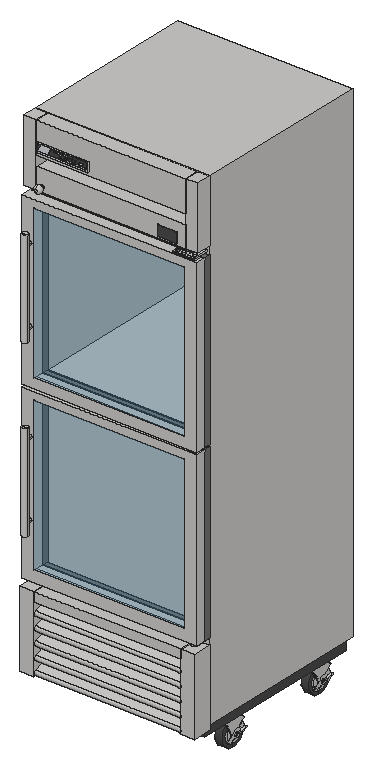
Revit family "QF_TRUE_T-23G-2-HC~FGD01", category Specialty Equipment, Revit 2015
Parameters
  Weight in Pounds = 330
  Watts = if(Phase = 3, Volts * FL Amps * 1.73, Volts * FL Amps)  # 253 W
  Volts = 115 V
  URL Cutsheet = ""
  Specification by User = ""
  Specification by Manufacturer = ""
  Show Logo [instance] = yes
  Show Clearance [instance] = yes
  Show 6 Inches Standard Legs [instance] = no
  Show 6 Inches Seismic Flanged Legs [instance] = no
  Overall Height [instance] = Body Height + Base Height  # 83 3/8"
  Body Height [instance] = 78 3/8"
  6 Inches Seismic Flanged Legs [instance] = and(Show 6 Inches Seismic Flanged Legs, not(Show 5 Inches Casters))  # no
  6 Inches Standard Legs [instance] = and(Show 6 Inches Standard Legs, not(Show 5 Inches Casters))  # no
  Show 5 Inches Casters [instance] = if(Show 6 Inches Seismic Flanged Legs, Show 6 Inches Standard Legs, not(Show 6 Inches Standard Legs))  # yes
  Serial Number = ""
  Seismic Rating = ""
  SMACNA No = ""
  Revision Code = ""
  Phase = 1
  Number of Poles = 1
  NAFEM Spec ID Number = ""
  Model = "T-23G-2-HC~FGD01"
  Min Ckt Ampacity = 0 A
  Max Overcurrent Protection = 0 A
  Masterspec = ""
  Manufacturer = "TRUE"
  Length = 27"
  Item Number = ""
  Installed By = ""
  Identify Quantity as Lot = yes
  Height = 83 3/8"
  HP = "1/4"
  Furnished By = ""
  Foodservice Equipment Identifier = yes
  FL Amps = 2.2 A
  Electrical Remarks = ""
  Electric Connection Type = ""
  Elec Conn RI Height = 0"
  Elec Conn Connection Height = 0"
  Description = "REACH-IN GLASS HALF SWING DOOR REFRIGERATOR WITH HYDROCARBON REFRIGERANT~FRAMED GLASS DOOR VERSION 01"
  Depth = 32 1/8"
  Cycle = 60 Hz
  Conn Plug = "NEMA 5-15P"
  Conn Conduit = yes
  CSI MasterFormat = ""
  Base Height [instance] = if(Show 5 Inches Casters, 5", 6")  # 5"
  Apparent Power = if(Phase = 3, Volts * FL Amps * 1.73, Volts * FL Amps)  # 253 VA
Reference planes (in)
  plane 1 "BACK": y = 0
  plane 2: z = 0
  plane 3 "LEFT": x = 0
  plane 4 "RIGHT": x = 27
  plane 5 "FRONT": y = -32.125
  plane 6 "TOP": z = 5
  plane 7 "Center Y": x = 13.5
  plane 8 "Center X": y = -16.0625
  plane 9: z = 83.375
Dimensions and locks (in)
  equal spacing: plane 3 "LEFT", plane 7 "Center Y", plane 4 "RIGHT"
  "Length": plane 3 "LEFT" to plane 4 "RIGHT"
  equal spacing: plane 5 "FRONT", plane 8 "Center X", plane 1 "BACK"
  "Depth": plane 5 "FRONT" to plane 1 "BACK"
  "Base Height": plane 6 "TOP" to level
  "Body Height": plane 9 to plane 6 "TOP"
  "Overall Height": plane 9 to plane 2
  aligned and locked: plane 2 to level
  aligned and locked: nested 5 to plane 6 "TOP"
Nested families (in)
  nested 1: "TRUE_L6_C3.5" at (2.98654, -21.77779, 0), Show 6 Inches Legs <- "6 Inches Standard Legs", Seismic Flanged <- "6 Inches Seismic Flanged Legs", Show 5" Casters <- "Show 5 Inches Casters", type "TRUE_L6_C3.5"
    with Type Mark "", Specification by User "", Show 6 Inches Legs no, Show 5" Casters yes, Seismic Flanged no, Revision Code "", Item Number "", Installed By "", Identify Quantity as Lot yes, Furnished By "", Foodservice Equipment Identifier yes
  nested 2: "TRUE_L6_C3.5" at (24.01346, -21.77779, 0), Show 6 Inches Legs <- "6 Inches Standard Legs", Seismic Flanged <- "6 Inches Seismic Flanged Legs", Show 5" Casters <- "Show 5 Inches Casters", type "TRUE_L6_C3.5"
    with Type Mark "", Specification by User "", Show 6 Inches Legs no, Show 5" Casters yes, Seismic Flanged no, Revision Code "", Item Number "", Installed By "", Identify Quantity as Lot yes, Furnished By "", Foodservice Equipment Identifier yes
  nested 3: "TRUE_L6_C3.5" at (2.98654, -5.03471, 0), Show 6 Inches Legs <- "6 Inches Standard Legs", Seismic Flanged <- "6 Inches Seismic Flanged Legs", Show 5" Casters <- "Show 5 Inches Casters", type "TRUE_L6_C3.5"
    with Type Mark "", Specification by User "", Show 6 Inches Legs no, Show 5" Casters yes, Seismic Flanged no, Revision Code "", Item Number "", Installed By "", Identify Quantity as Lot yes, Furnished By "", Foodservice Equipment Identifier yes
  nested 4: "TRUE_L6_C3.5" at (24.01346, -5.03471, 0), Show 6 Inches Legs <- "6 Inches Standard Legs", Seismic Flanged <- "6 Inches Seismic Flanged Legs", Show 5" Casters <- "Show 5 Inches Casters", type "TRUE_L6_C3.5"
    with Type Mark "", Specification by User "", Show 6 Inches Legs no, Show 5" Casters yes, Seismic Flanged no, Revision Code "", Item Number "", Installed By "", Identify Quantity as Lot yes, Furnished By "", Foodservice Equipment Identifier yes
  nested 5: "T-23G-2-HC-FGD01" at (0, 0, 5), Show Clearance <- "Show Clearance", Show Logo <- "Show Logo", type "T-23G-2-HC-FGD01"
    with Show Logo yes, Show Clearance yes
Connectors (in)
  electrical at (12.40625, 0.25, 7.43713), driven by "Volts", driven by "Watts"
    settings: on nested 5, index 2, voltage 115 V, apparent load 253 VA, apparent load phase1 0 VA, apparent load phase2 0 VA, apparent load phase3 0 VA, power factor 1, load classification "Other", number of poles 1, system type 30, power factor state 1, is connector primary yes, connector utility no, sub classification motor no, connector description "ELECTRICAL CONNECTION"
Definition of nested family "TRUE_L6_C3.5"
  Parameters (values of type "RANDELL_L6_C3.5")
    Weight = ""
    URL Manufacturer = ""
    URL Cutsheet = ""
    URL = ""
    Type Mark [instance] = ""
    Specification by User [instance] = ""
    Specification by Manufacturer = ""
    Show 6 Inches Legs [instance] = yes
    Show 5" Casters [instance] = yes
    Serial Number = ""
    Seismic Rating = ""
    Seismic Flanged [instance] = yes
    SMACNA No = ""
    Revision Code [instance] = ""
    Omniclass Number and Title = ""
    NAFEM Spec ID Number = ""
    Model = ""
    MasterSpec. = ""
    Manufacturer = ""
    Item Number [instance] = ""
    Installed By [instance] = ""
    Identify Quantity as Lot [instance] = yes
    Furnished By [instance] = ""
    Foodservice Equipment Identifier [instance] = yes
    Description = ""
    CSI MasterFormat = ""
    CSI Master Format = ""
    Assembly Code = ""
  Reference planes (in)
    plane 1: z = 0
    plane 2 "RIGHT": x = 0
    plane 3 "FRONT": y = 0
    plane 4 "TOP": z = 5
  Forms (in)
    Revolve 1, solid, visible <- "Show 6 Inches Legs"
      sketch origin (11.12172, 0, 0) x (-1, 0, 0) y (0, 0, -1)
        loop
          line (11.12172, -6) -> (11.12172, 0) -> (10.62172, 0) -> (10.62172, -0.5) -> (10.37172, -0.5) -> (10.37172, -6) -> (11.12172, -6)
        axis (11.12172, 0) -> (11.12172, -6)
      angle from 0 to 360
    Revolve 2, solid, visible <- "Seismic Flanged"
      sketch origin (11.12172, 0, 0) x (-1, 0, 0) y (0, 0, -1)
        loop
          line (11.12172, -0.15832) -> (11.12172, 0) -> (9.94203, 0) -> (9.94203, -0.15832) -> (11.12172, -0.15832)
        axis (11.12172, 0) -> (11.12172, -0.15832)
      angle from 0 to 360
    Revolve 3, solid, visible <- "Seismic Flanged"
      sketch origin (11.12172, 0, 0) x (-1, 0, 0) y (0, 0, -1)
        loop
          line (11.12172, -6) -> (11.12172, 0) -> (10.62172, 0) -> (10.62172, -0.5) -> (10.37172, -0.5) -> (10.37172, -6) -> (11.12172, -6)
        axis (11.12172, 0) -> (11.12172, -6)
      angle from 0 to 360
    Revolve 4, solid, visible <- "Show 5" Casters"
      sketch origin (-1.93794, 0.99859, -1.0041) x (1, 0, 0) y (0, 0, 1)
        loop
          line (0.74055, 3.0041) -> (0.74055, 2.9286) -> (0.79055, 2.8786) -> (0.85055, 2.8786) -> (0.85055, 2.75852) -> (1.235, 2.75852) -> (1.235, 2.56618) -> (1.37557, 2.48502) -> (1.49133, 1.76972) -> (1.34375, 1.76972) -> (1.34375, 1.53535) -> (1.375, 1.53535) -> (1.375, 1.0041) -> (2.48438, 1.0041) -> (2.48438, 1.53535) -> (2.51563, 1.53535) -> (2.51563, 1.76972) -> (2.36805, 1.76972) -> (2.48438, 2.48853) -> (2.62438, 2.56936) -> (2.62438, 2.75852) -> (3.04007, 2.75852) -> (3.04007, 2.8786) -> (3.10007, 2.8786) -> (3.15007, 2.9286) -> (3.15007, 3.0041) -> (0.74055, 3.0041)
        axis (0.74055, 3.0041) -> (3.15007, 3.0041)
      angle from 0 to 360
    Extrusion 5, solid, visible <- "Show 5" Casters"
      sketch origin (-1.93794, 1.96337, -0.7541) x (0, 1, 0) y (0, 0, 1)
        loop
          line (-3.37739, 5.33423) -> (-3.37739, 4.92712) -> (-2.49294, 4.92712)
          arc (-2.49294, 4.92712) -> (-1.47209, 4.91752) -> (-0.46376, 4.75787) r 6.92153
          arc (-0.46376, 4.75787) -> (0.14199, 4.53396) -> (0.67481, 4.16904) r 2.62713
          line (0.67481, 4.16904) -> (0.7876, 4.33012)
          arc (0.7876, 4.33012) -> (0.48098, 4.5674) -> (0.13288, 4.73811) r 1.91675
          line (0.13288, 4.73811) -> (0.21197, 4.87494)
          arc (0.21197, 4.87494) -> (-0.1576, 5.02102) -> (-0.54934, 5.08775) r 1.91675
          line (-0.54934, 5.08775) -> (-0.54934, 5.33423) -> (-3.37739, 5.33423)
      from 1.17357 to 2.70231
    Revolve 6, solid, visible <- "Show 5" Casters"
      sketch origin (0, 2.15543, -1.25) x (0, 1, 0) y (0, 0, 1)
        loop
          line (-2.21793, 6.25) -> (-2.21793, 5.83014) -> (-1.05793, 5.83014) -> (-1.05793, 6.25) -> (-2.21793, 6.25)
        axis (-2.21793, 5.83014) -> (-2.21793, 6.25)
      angle from 0 to 360
    Extrusion 7, solid, visible <- "Show 5" Casters"
      sketch origin (-1.98481, 1.96337, -0.7541) x (0, 1, 0) y (0, 0, 1)
        loop
          line (-3.37739, 5.33423) -> (-3.37739, 4.92712) -> (-3.13361, 4.92712)
          arc (-3.13361, 4.92712) -> (-2.12623, 3.92533) -> (-1.55834, 2.62307) r 3.79122
          arc (-1.55834, 2.62307) -> (-0.81477, 2.14247) -> (-0.31772, 2.87515) r 0.63314
          arc (-0.31772, 2.87515) -> (-0.02244, 3.67728) -> (0.68637, 4.15498) r 1.39003
          line (0.68637, 4.15498) -> (0.7876, 4.33012)
          arc (0.7876, 4.33012) -> (0.48098, 4.5674) -> (0.13288, 4.73811) r 1.91675
          line (0.13288, 4.73811) -> (0.21197, 4.87494)
          arc (0.21197, 4.87494) -> (-0.1576, 5.02102) -> (-0.54934, 5.08775) r 1.91675
          line (-0.54934, 5.08775) -> (-0.54934, 5.33423) -> (-3.37739, 5.33423)
      from 2.74918 to 2.90825
    Extrusion 8, solid, visible <- "Show 5" Casters"
      sketch origin (1.98481, 1.96337, -0.7541) x (0, 1, 0) y (0, 0, -1)
        loop
          line (-3.37739, -5.33423) -> (-0.54934, -5.33423) -> (-0.54934, -5.08775)
          arc (-0.54934, -5.08775) -> (-0.1576, -5.02102) -> (0.21197, -4.87494) r 1.91675
          line (0.21197, -4.87494) -> (0.13288, -4.73811)
          arc (0.13288, -4.73811) -> (0.48098, -4.5674) -> (0.7876, -4.33012) r 1.91675
          line (0.7876, -4.33012) -> (0.68637, -4.15498)
          arc (0.68637, -4.15498) -> (-0.02244, -3.67728) -> (-0.31772, -2.87515) r 1.39003
          arc (-0.31772, -2.87515) -> (-0.81477, -2.14247) -> (-1.55834, -2.62307) r 0.63314
          arc (-1.55834, -2.62307) -> (-2.12623, -3.92533) -> (-3.13361, -4.92712) r 3.79122
          line (-3.13361, -4.92712) -> (-3.37739, -4.92712) -> (-3.37739, -5.33423)
      from 2.74918 to 2.90825
    Extrusion 9, solid, visible <- "Show 5" Casters"
      sketch origin (-0.96875, 2.04726, -0.57589) x (0, 1, 0) y (0, 0, -1)
        loop
          line (-2.58496, -2.03961) -> (-1.89213, -2.43961) -> (-1.53273, -2.64711)
          arc (-1.53273, -2.64711) -> (-1.45411, -2.76529) -> (-1.38688, -2.89031) r 1.51617
          arc (-1.38688, -2.89031) -> (-1.13602, -3.13035) -> (-0.79652, -3.20306) r 0.63657
          arc (-0.79652, -3.20306) -> (-0.67098, -3.20163) -> (-0.54633, -3.21661) r 0.9589
          line (-0.54633, -3.21661) -> (0.23309, -3.66661) -> (0.42979, -3.32592)
          arc (0.42979, -3.32592) -> (0.46473, -3.10362) -> (0.3415, -2.91533) r 0.313
          line (0.3415, -2.91533) -> (0.21087, -3.04595)
          arc (0.21087, -3.04595) -> (0.24081, -3.14321) -> (0.14284, -3.17074) r 0.07109
          line (0.14284, -3.17074) -> (-0.52795, -2.78336)
          arc (-0.52795, -2.78336) -> (-0.62217, -2.51108) -> (-0.36609, -2.37904) r 0.22
          arc (-0.36609, -2.37904) -> (-0.3435, -2.357) -> (-0.33862, -2.32583) r 0.05
          arc (-0.33862, -2.32583) -> (-0.50047, -2.10967) -> (-0.75504, -2.01961) r 0.46592
          line (-0.75504, -2.01961) -> (-1.49574, -2.01961)
          arc (-1.49574, -2.01961) -> (-1.57675, -2.00894) -> (-1.65224, -1.97767) r 0.313
          line (-1.65224, -1.97767) -> (-2.05389, -1.74578)
          arc (-2.05389, -1.74578) -> (-2.2914, -1.71451) -> (-2.48146, -1.86034) r 0.313
          line (-2.48146, -1.86034) -> (-2.58496, -2.03961)
      from 0 to 0.0625
    Extrusion 10, solid, visible <- "Show 5" Casters"
      sketch origin (-0.96875, 2.04726, -0.57589) x (0, 1, 0) y (0, 0, -1)
        loop
          line (-0.45692, -2.6604) -> (0.47061, -3.19578)
          arc (0.47061, -3.19578) -> (0.44304, -3.03852) -> (0.3415, -2.91533) r 0.313
          line (0.3415, -2.91533) -> (-0.36656, -2.53415)
          arc (-0.36656, -2.53415) -> (-0.48136, -2.54745) -> (-0.45692, -2.6604) r 0.078
      from 0 to 0.5
    Extrusion 11, solid, visible <- "Show 5" Casters"
      sketch origin (0.96875, 2.04726, -0.57589) x (0, 1, 0) y (0, 0, 1)
        loop
          line (-2.58496, 2.03961) -> (-2.48146, 1.86034)
          arc (-2.48146, 1.86034) -> (-2.2914, 1.71451) -> (-2.05389, 1.74578) r 0.313
          line (-2.05389, 1.74578) -> (-1.65224, 1.97767)
          arc (-1.65224, 1.97767) -> (-1.57675, 2.00894) -> (-1.49574, 2.01961) r 0.313
          line (-1.49574, 2.01961) -> (-0.75504, 2.01961)
          arc (-0.75504, 2.01961) -> (-0.50047, 2.10967) -> (-0.33862, 2.32583) r 0.46592
          arc (-0.33862, 2.32583) -> (-0.3435, 2.357) -> (-0.36609, 2.37904) r 0.05
          arc (-0.36609, 2.37904) -> (-0.62217, 2.51108) -> (-0.52795, 2.78336) r 0.22
          line (-0.52795, 2.78336) -> (0.14284, 3.17074)
          arc (0.14284, 3.17074) -> (0.24081, 3.14321) -> (0.21087, 3.04595) r 0.07109
          line (0.21087, 3.04595) -> (0.3415, 2.91533)
          arc (0.3415, 2.91533) -> (0.46473, 3.10362) -> (0.42979, 3.32592) r 0.313
          line (0.42979, 3.32592) -> (0.23309, 3.66661) -> (-0.54633, 3.21661)
          arc (-0.54633, 3.21661) -> (-0.67098, 3.20163) -> (-0.79652, 3.20306) r 0.9589
          arc (-0.79652, 3.20306) -> (-1.13602, 3.13035) -> (-1.38688, 2.89031) r 0.63657
          arc (-1.38688, 2.89031) -> (-1.45411, 2.76529) -> (-1.53273, 2.64711) r 1.51617
          line (-1.53273, 2.64711) -> (-1.89213, 2.43961) -> (-2.58496, 2.03961)
      from 0 to 0.0625
    Extrusion 12, solid, visible <- "Show 5" Casters"
      sketch origin (0.96875, 2.04726, -0.57589) x (0, 1, 0) y (0, 0, 1)
        loop
          arc (-0.45692, 2.6604) -> (-0.48136, 2.54745) -> (-0.36656, 2.53415) r 0.078
          line (-0.36656, 2.53415) -> (0.3415, 2.91533)
          arc (0.3415, 2.91533) -> (0.44304, 3.03852) -> (0.47061, 3.19578) r 0.313
          line (0.47061, 3.19578) -> (-0.45692, 2.6604)
      from 0 to 0.5
  Lines and regions (in)
    symbolic lines
      curve 1: line (-1.07514, -0.72999, 0) -> (-0.15575, -1.2608, 0)
      curve 2: line (0.15575, 1.40198, 0) -> (-1.07514, -0.72999, 0)
      curve 3: line (1.07514, 0.87117, 0) -> (0.15575, 1.40198, 0)
      curve 4: line (-0.15575, -1.2608, 0) -> (1.07514, 0.87117, 0)
  Dimensions and locks (in)
    plane 4 "TOP" to level = 5"  (x2)
    locked: Revolve 1 sketch curve to Revolve 1 sketch curve at 0.5
    locked: Revolve 1 sketch curve to Revolve 1 sketch curve at 0.75
    locked: Revolve 3 sketch curve to Revolve 3 sketch curve at 0.5
    locked: Revolve 3 sketch curve to Revolve 3 sketch curve at 0.75
    aligned and locked: level to plane 1
Definition of nested family "T-23G-2-HC-FGD01"
  Parameters (values of type "T-23G-2-HC-FGD01")
    Weight in Pounds = 0
    Watts = if(Phase = 3, Volts * FL Amps * 1.73, Volts * FL Amps)  # 0 W
    Volts = 0 V
    URL Cutsheet = ""
    Specification by User = ""
    Specification by Manufacturer = ""
    Show Logo [instance] = yes
    Show Clearance [instance] = yes
    Serial Number = ""
    Seismic Rating = ""
    SMACNA No = ""
    Revision Code = ""
    Phase = 0
    Number of Poles = 1
    NAFEM Spec ID Number = ""
    Model = "T-12FG-HC~FGD01"
    Min Ckt Ampacity = 0 A
    Max Overcurrent Protection = 0 A
    Masterspec = ""
    Manufacturer = "TRUE"
    Length = 27"
    Item Number = ""
    Installed By = ""
    Identify Quantity as Lot = yes
    Height = 78 3/8"
    HP = ""
    Furnished By = ""
    Foodservice Equipment Identifier = yes
    FL Amps = 0 A
    Electrical Remarks = ""
    Electric Connection Type = ""
    Elec Conn RI Height = 0"
    Elec Conn Connection Height = 0"
    Description = ""
    Depth = 32 1/8"
    Cycle = 0 Hz
    Conn Plug = ""
    Conn Conduit = yes
    CSI MasterFormat = ""
    Apparent Power = if(Phase = 3, Volts * FL Amps * 1.73, Volts * FL Amps)  # 0 VA
  Reference planes (in)
    plane 1 "BACK": y = 0
    plane 2: z = 0
    plane 3 "LEFT": x = 0
    plane 4 "RIGHT": x = 27
    plane 5 "FRONT": y = -32.125
    plane 6 "TOP": z = 78.375
    plane 7 "Center Y": x = 13.5
    plane 8 "Center X": y = -16.0625
    plane 9: y = -30.5
    plane 10: y = -54.875
  Forms (in)
    Extrusion 1, solid
      sketch origin (0, 0, -3.4375) x (0, 1, 0) y (0, 0, 1)
        loop
          line (-27.83459, 5.6875) -> (-27.83459, 3.4375) -> (-0.625, 3.4375) -> (-0.625, 5.6875) -> (-27.83459, 5.6875)
      from 1.05258 to 25.94742
    Extrusion 2, solid
      sketch origin (0, 0, 59.09193) x (0, 0, -1) y (-1, 0, 0)
        loop
          circle (56.6548, -12.40625) r 0.25
      from 0 to 0.25
    Extrusion 3, solid
      sketch origin (0, 0, -3.4375) x (0, 1, 0) y (0, 0, 1)
        loop
          line (0, 17.70886) -> (-0.5, 17.70886) -> (-0.5, 4.13763) -> (0, 4.13763) -> (0, 17.70886)
      from 1.05258 to 23.84813
    Extrusion 4, solid
      sketch origin (0, -28.25, 2.25) x (0, 0, 1) y (-1, 0, 0)
        loop
          line (38.87447, 0) -> (38.87447, -27) -> (65.18935, -27) -> (65.18935, 0) -> (38.87447, 0)
        loop
          line (40.37447, -25.17578) -> (63.99013, -25.17578) -> (63.99013, -1.82422) -> (40.37447, -1.82422) -> (40.37447, -25.17578)
      from 0.88884 to 2.57713
    Extrusion 5, solid
      sketch origin (0, -17.5, -3.4375) x (0, 1, 0) y (0, 0, 1)
        loop
          line (-13.71875, 16.72427) -> (-13.71875, 15.32363) -> (-10.75, 15.32363) -> (-10.75, 16.72427) -> (-13.71875, 16.72427)
        loop
          line (-13.20993, 5.0211) -> (-10.75, 5.97002) -> (-10.75, 6.77338) -> (-13.4787, 5.72128)
          arc (-13.4787, 5.72128) -> (-13.69441, 5.2368) -> (-13.20993, 5.0211) r 0.375
        loop
          line (-13.20993, 9.13047) -> (-10.75, 10.0794) -> (-10.75, 10.88276) -> (-13.4787, 9.83066)
          arc (-13.4787, 9.83066) -> (-13.69441, 9.34618) -> (-13.20993, 9.13047) r 0.375
        loop
          line (-13.20993, 7.07086) -> (-10.75, 8.01978) -> (-10.75, 8.82314) -> (-13.4787, 7.77104)
          arc (-13.4787, 7.77104) -> (-13.69441, 7.28656) -> (-13.20993, 7.07086) r 0.375
        loop
          line (-13.20993, 11.19009) -> (-10.75, 12.13901) -> (-10.75, 12.94237) -> (-13.4787, 11.89027)
          arc (-13.4787, 11.89027) -> (-13.69441, 11.40579) -> (-13.20993, 11.19009) r 0.375
        loop
          line (-13.20993, 13.24971) -> (-10.75, 14.19863) -> (-10.75, 14.94863) -> (-13.4787, 13.94989)
          arc (-13.4787, 13.94989) -> (-13.69441, 13.46541) -> (-13.20993, 13.24971) r 0.375
      from 2.10981 to 24.89019
    Extrusion 6, solid
      sketch origin (0, -30.82713, 2.25) x (0, 0, 1) y (-1, 0, 0)
        loop
          line (63.99013, -1.82422) -> (40.37447, -1.82422) -> (40.37447, -25.17578) -> (63.99013, -25.17578) -> (63.99013, -1.82422)
        loop
          line (13.76, -25.17578) -> (37.37565, -25.17578) -> (37.37565, -1.82422) -> (13.76, -1.82422) -> (13.76, -25.17578)
      from 0 to -0.25
    Extrusion 7, solid
      sketch origin (27, -28.25, 41.12447) x (0, 1, 0) y (1, 0, 0)
        loop
          line (0, -1.157) -> (0, -0.21392) -> (-2.06523, -0.25589)
          arc (-2.06523, -0.25589) -> (-2.48736, -0.68546) -> (-2.06523, -1.11503) r 0.42963
          line (-2.06523, -1.11503) -> (0, -1.157)
        loop
          circle (-2.05773, -0.68546) r 0.25
      from 0 to 0.22057
    Extrusion 8, solid
      sketch origin (27, -28.25, 41.12447) x (0, 1, 0) y (1, 0, 0)
        loop
          circle (-2.05773, -0.68546) r 0.25
      from 0 to 0.29961
    Extrusion 9, solid
      sketch origin (0, -6, -3.4375) x (0, 1, 0) y (0, 0, 1)
        loop
          line (-24.5, 81.8125) -> (-24.5, 72.09417) -> (-22.25, 72.09417) -> (-22.25, 81.8125) -> (-24.5, 81.8125)
      from 0 to 1.90515
    Extrusion 10, solid
      sketch origin (0, -6, -3.4375) x (0, 1, 0) y (0, 0, 1)
        loop
          line (-24.5, 75.37331) -> (-24.5, 72.09417) -> (-22.25, 72.09417) -> (-22.25, 75.37331) -> (-24.5, 75.37331)
        loop
          line (-24.5, 76.95333) -> (-22.25, 76.95333) -> (-22.25, 81.8125) -> (-24.5, 81.8125) -> (-24.5, 76.95333)
      from 1.90515 to 25.09485
    Extrusion 11, solid
      sketch origin (0, 3.5, -0.60715) x (0, -1, 0) y (0, 0, 1)
        loop
          line (31.76964, 13.89392) -> (31.76964, 2.10715) -> (34.73839, 2.10715) -> (34.73839, 13.89392) -> (31.76964, 13.89392)
      from -2.10981 to 0
    Extrusion 12, solid
      sketch origin (0.25, -30.5, 69.375) x (0, 0, 1) y (-1, 0, 0)
        loop
          line (1.12393, -20.5494) -> (-0.51594, -20.5494) -> (-0.51594, -23.49734) -> (1.12393, -23.49734) -> (1.12393, -20.5494)
      from 0 to 0.0625
    Extrusion 13, solid
      sketch origin (27, -6, 0) x (0, -1, 0) y (0, 0, 1)
        loop
          line (24.5, 78.375) -> (22.25, 78.375) -> (22.25, 68.65667) -> (24.5, 68.65667) -> (24.5, 78.375)
      from 0 to 1.90515
    Extrusion 14, solid
      sketch origin (27, 3.5, -0.60715) x (0, -1, 0) y (0, 0, -1)
        loop
          line (31.76964, -13.89392) -> (34.73839, -13.89392) -> (34.73839, -2.10715) -> (31.76964, -2.10715) -> (31.76964, -13.89392)
      from -2.10981 to 0
    Extrusion 15, solid
      sketch origin (0, -28.25, 67.43935) x (1, 0, 0) y (0, 1, 0)
        loop
          line (26.52659, -1.27764) -> (23.06149, -1.27764) -> (23.06149, -2.32875) -> (26.52659, -2.32875) -> (26.52659, -1.27764)
        loop
          circle (26.09113, -1.82353) r 0.25
        loop
          circle (24.44087, -1.81192) r 0.25
        loop
          circle (23.44087, -1.81192) r 0.25
      from 0 to 0.22057
    Extrusion 16, solid
      sketch origin (0, -28.25, 67.43935) x (1, 0, 0) y (0, 1, 0)
        loop
          circle (24.44087, -1.81192) r 0.25
        loop
          circle (23.44087, -1.81192) r 0.25
      from 0 to 0.31015
    Extrusion 17, solid
      sketch origin (0, -28.25, 67.93699) x (1, 0, 0) y (0, 1, 0)
        loop
          circle (26.09249, -1.82353) r 0.25
      from 0.07804 to -0.27708
    Extrusion 18, solid
      sketch origin (0, -28.25, 67.74949) x (1, 0, 0) y (0, 1, 0)
        loop
          line (26.54743, -2.35477) -> (26.50632, 0) -> (25.58853, 0) -> (25.54743, -2.35477) -> (26.54743, -2.35477)
        loop
          circle (26.09249, -1.82353) r 0.25
      from 0 to 0.1875
    Revolve 19, solid
      sketch origin (2.8125, -5.41031, -0.74369) x (0, 1, 0) y (0, 0, 1)
        loop
          line (-26.21193, 70.08568) -> (-25.08969, 70.08568) -> (-25.08969, 70.38048) -> (-25.29687, 70.38048) -> (-25.29687, 70.44449) -> (-25.41402, 70.44449)
          arc (-25.41402, 70.44449) -> (-25.84599, 70.63218) -> (-26.21193, 70.33568) r 0.45393
          line (-26.21193, 70.33568) -> (-26.21193, 70.08568)
        axis (-26.21193, 70.08568) -> (-25.08969, 70.08568)
      angle from 0 to 360
    Extrusion 20, solid
      sketch origin (0, -28.25, 2.25) x (0, 0, 1) y (-1, 0, 0)
        loop
          line (38.57487, 0) -> (12.02136, 0) -> (12.02136, -27) -> (38.57487, -27) -> (38.57487, 0)
        loop
          line (37.37565, -1.82422) -> (13.76, -1.82422) -> (13.76, -25.17578) -> (37.37565, -25.17578) -> (37.37565, -1.82422)
      from 0.88884 to 2.57713
    Extrusion 21, solid
      sketch origin (0, -0.5, 75.5) x (0, 0, -1) y (-1, 0, 0)
        loop
          line (-2.875, -27) -> (73.25, -27) -> (73.25, 0) -> (-2.875, 0) -> (-2.875, -27)
        loop
          line (9.25987, -1.82422) -> (9.25987, -25.17578) -> (32.87553, -25.17578) -> (32.87553, -1.82422) -> (9.25987, -1.82422)
      from -0.125 to -27.75
    Extrusion 22, solid
      sketch origin (0, -0.625, 75.5) x (0, 0, -1) y (-1, 0, 0)
        loop
          line (9.25987, -25.17578) -> (32.87553, -25.17578) -> (32.87553, -1.82422) -> (9.25987, -1.82422) -> (9.25987, -25.17578)
      from 0 to -1
    Extrusion 23, solid
      sketch origin (27, -28.25, 14.27136) x (0, 1, 0) y (1, 0, 0)
        loop
          line (0, -1.157) -> (0, -0.21392) -> (-2.06523, -0.25589)
          arc (-2.06523, -0.25589) -> (-2.48736, -0.68546) -> (-2.06523, -1.11503) r 0.42963
          line (-2.06523, -1.11503) -> (0, -1.157)
        loop
          circle (-2.05773, -0.68546) r 0.25
      from 0 to 0.22057
    Extrusion 24, solid
      sketch origin (27, -28.25, 14.27136) x (0, 1, 0) y (1, 0, 0)
        loop
          circle (-2.05773, -0.68546) r 0.25
      from 0 to 0.29961
    Extrusion 25, solid, visible <- "Show Clearance", detail levels coarse
      sketch origin (0, -28.25, 67.43935) x (1, 0, 0) y (0, 1, 0)
        loop
          arc (0.00341, -2.57713) -> (8.41152, -20.3154) -> (27, -26.625) r 25.17696
          line (27, -26.625) -> (27, -2.57713) -> (0.00341, -2.57713)
      from 0 to -26.31487
    Revolve 26, solid
      sketch origin (0, -31.6875, 0) x (1, 0, 0) y (0, 0, 1)
        loop
          line (1.10057, 47.84149) -> (1.10057, 62.77899) -> (0.66307, 62.77899) -> (0.66307, 47.84149) -> (1.10057, 47.84149)
        axis (1.10057, 47.84149) -> (1.10057, 62.77899)
      angle from 0 to 360
    Extrusion 27, solid
      sketch origin (0, 0, 0) x (1, 0, 0) y (0, 0, 1)
        loop
          circle (1.10057, 61.15399) r 0.31825
        loop
          circle (1.10057, 49.57627) r 0.31825
      from 30.82713 to 31.62224
    Extrusion 28, solid, visible <- "Show Clearance", detail levels coarse
      sketch origin (0, -28.25, 14.27136) x (0, -1, 0) y (-1, 0, 0)
        loop
          line (2.57713, -0.00341) -> (2.57713, -27) -> (26.625, -27)
          arc (26.625, -27) -> (20.3154, -8.41152) -> (2.57713, -0.00341) r 25.17696
      from 0 to -26.31487
    Revolve 29, solid
      sketch origin (0, -31.6875, -26.85311) x (1, 0, 0) y (0, 0, 1)
        loop
          line (1.10057, 47.84149) -> (1.10057, 62.77899) -> (0.66307, 62.77899) -> (0.66307, 47.84149) -> (1.10057, 47.84149)
        axis (1.10057, 47.84149) -> (1.10057, 62.77899)
      angle from 0 to 360
    Extrusion 30, solid
      sketch origin (0, 0, -26.85311) x (1, 0, 0) y (0, 0, 1)
        loop
          circle (1.10057, 61.15399) r 0.31825
        loop
          circle (1.10057, 49.57627) r 0.31825
      from 30.82713 to 31.62224
    Extrusion 31, solid
      sketch origin (0, -28.25, 75.5) x (0, 0, 1) y (-1, 0, 0)
        loop
          line (-8.06065, -27) -> (-8.06065, 0) -> (-34.37553, 0) -> (-34.37553, -27) -> (-8.06065, -27)
        loop
          line (-61.22864, -27) -> (-34.67513, -27) -> (-34.67513, 0) -> (-61.22864, 0) -> (-61.22864, -27)
        loop
          line (-9.25987, -1.82422) -> (-32.87553, -1.82422) -> (-32.87553, -25.17578) -> (-9.25987, -25.17578) -> (-9.25987, -1.82422)
        loop
          line (-59.49, -1.82422) -> (-59.49, -25.17578) -> (-35.87435, -25.17578) -> (-35.87435, -1.82422) -> (-59.49, -1.82422)
      from 0 to 0.88884
  Cuts and joins
    joined: Extrusion 21, Extrusion 22
  Lines and regions (in)
    symbolic lines
      curve 1: arc (0.00341, -30.82713, 0) -> (1.31164, -37.84211, 0) -> (4.53551, -44.20827, 0) r 25.17696
      curve 2: line (4.53551, -44.20827, 0) -> (27, -31.23839, 0)
      curve 3: line (0, -0.625, 0) -> (27, -0.625, 0)
      curve 4: line (0, -30.82713, 0) -> (0, -0.625, 0)
      curve 5: line (27, -30.82713, 0) -> (0, -30.82713, 0)
      curve 6: line (27, -0.625, 0) -> (27, -30.82713, 0)
      curve 7: circle (1.10057, -31.6875, 0) r 0.4375 normal (0, 0, 1)
      curve 8: line (0, -31.23839, 0) -> (2.26149, -31.23839, 0)
      curve 9: line (0.78232, -31.3873, 0) -> (0.78232, -31.23839, 0)
      curve 10: line (1.41882, -31.3873, 0) -> (1.41882, -31.23839, 0)
      curve 11: line (2.5625, -31.62224, 0) -> (3.0625, -31.62224, 0)
      curve 12: arc (2.45439, -30.82713, 0) -> (2.26371, -31.25796, 0) -> (2.5625, -31.62224, 0) r 0.44936
      curve 13: arc (3.16882, -30.82713, 0) -> (3.36137, -31.25754, 0) -> (3.0625, -31.62224, 0) r 0.44842
      curve 14: line (3.36351, -31.23839, 0) -> (27, -31.23839, 0)
      curve 15: line (27, -31.23839, 0) -> (27, -30.82713, 0)
      curve 16: line (0, -30.5, 0) -> (27, -30.5, 0)
      curve 17: line (2.45369, -30.70718, 0) -> (2.45369, -30.82713, 0)
      curve 18: line (2.45369, -30.70718, 0) -> (3.16882, -30.70718, 0)
      curve 19: line (2.5177, -30.70718, 0) -> (2.5177, -30.5, 0)
      curve 20: line (3.16882, -30.82713, 0) -> (3.16882, -30.70718, 0)
      curve 21: line (3.1073, -30.70718, 0) -> (3.1073, -30.5, 0)
      curve 22: line (0, -28.26964, 0) -> (27, -28.26964, 0)
      curve 23: line (1.05258, 0, 0) -> (1.05258, -0.625, 0)
      curve 24: line (1.05258, 0, 0) -> (23.84813, 0, 0)
      curve 25: line (23.84813, 0, 0) -> (23.84813, -0.625, 0)
      curve 26: line (1.90515, -30.5, 0) -> (1.90515, -28.26964, 0)
      curve 27: line (25.09485, -30.5, 0) -> (25.09485, -28.26964, 0)
  Dimensions and locks (in)
    equal spacing: plane 3 "LEFT", plane 7 "Center Y", plane 4 "RIGHT"
    "Length": plane 3 "LEFT" to plane 4 "RIGHT"
    equal spacing: plane 5 "FRONT", plane 8 "Center X", plane 1 "BACK"
    "Depth": plane 5 "FRONT" to plane 1 "BACK"
    "Height": plane 6 "TOP" to level
    plane 5 "FRONT" to plane 1 "BACK" = 32 1/8"
    plane 9 to plane 1 "BACK" = 30 1/2"
    plane 4 "RIGHT" to plane 3 "LEFT" = 27"
    plane 9 to cut or joined group of Extrusion 21, Extrusion 22 = 29 7/8"
    cut or joined group of Extrusion 21, Extrusion 22 to plane 1 "BACK" = 5/8"
    plane 1 "BACK" to plane 10 = 54 7/8"
    aligned and locked: level to plane 2
  Automatic sketch dimensions
    Extrusion 1 sketch curve to level = 0"
    plane 9 to Extrusion 1 sketch curve = 2.66541"
    plane 1 "BACK" to Extrusion 1 sketch curve = 5/8"
    level to Extrusion 1 sketch curve = 2 1/4"
    Extrusion 2 sketch curve to plane 7 "Center Y" = 1 3/32"
    level to Extrusion 2 sketch curve = 2.43713"
    Extrusion 3 sketch curve to plane 1 "BACK" = 0"
    plane 1 "BACK" to Extrusion 3 sketch curve = 1/2"
    level to Extrusion 3 sketch curve = 0.70013"
    Extrusion 3 sketch curve to Extrusion 3 sketch curve = 13.57123"
    Extrusion 4 sketch curve to plane 3 "LEFT" = 0"
    plane 4 "RIGHT" to Extrusion 4 sketch curve = 0"
    Extrusion 4 sketch curve to plane 6 "TOP" = 37.25053"
    Extrusion 4 sketch curve to Extrusion 4 sketch curve = 1 1/2"
    plane 4 "RIGHT" to Extrusion 4 sketch curve = 1 211/256"
    Extrusion 4 sketch curve to plane 6 "TOP" = 12.13487"
    Extrusion 4 sketch curve to Extrusion 4 sketch curve = 1 51/256"
    plane 3 "LEFT" to Extrusion 4 sketch curve = 1 211/256"
    Extrusion 5 sketch curve to plane 9 = 23/32"
    Extrusion 5 sketch curve to plane 9 = 0.4787"  (x5)
    Extrusion 5 sketch curve to plane 9 = 0.34431"  (x5)
    Extrusion 5 sketch curve to plane 9 = 0.20993"  (x5)
    plane 9 to Extrusion 5 sketch curve = 2 1/4"  (x2)
    Extrusion 5 sketch curve to Extrusion 5 sketch curve = 0"  (x4)
    level to Extrusion 5 sketch curve = 1.5836"
    Extrusion 5 sketch curve to Extrusion 5 sketch curve = 0.35009"  (x5)
    level to Extrusion 5 sketch curve = 2.53252"
    Extrusion 5 sketch curve to Extrusion 5 sketch curve = 0.80336"  (x4)
    Extrusion 5 sketch curve to Extrusion 5 sketch curve = 1.34957"
    Extrusion 5 sketch curve to Extrusion 5 sketch curve = 1.2464"
    Extrusion 5 sketch curve to Extrusion 5 sketch curve = 1.35943"  (x3)
    Extrusion 5 sketch curve to Extrusion 5 sketch curve = 1.25626"  (x3)
    Extrusion 5 sketch curve to Extrusion 5 sketch curve = 3/4"
    Extrusion 5 sketch curve to Extrusion 5 sketch curve = 3/8"
    Extrusion 5 sketch curve to Extrusion 5 sketch curve = 1.40064"
    Extrusion 4 to Extrusion 6 sketch curve = 0"  (x3)
    Extrusion 6 sketch curve to Extrusion 4 = 0"  (x3)
    Extrusion 4 to Extrusion 6 sketch curve = 1.49882"
    Extrusion 6 sketch curve to Extrusion 6 sketch curve = 23.61565"
    Extrusion 7 sketch curve to Extrusion 7 sketch curve = 0"  (x2)
    Extrusion 7 sketch curve to Extrusion 4 = 0.51191"  (x2)
    Extrusion 7 sketch curve to Extrusion 4 = 0.25589"
    Extrusion 7 sketch curve to Extrusion 7 sketch curve = 0.0075"
    Extrusion 4 to Extrusion 7 sketch curve = 0.88884"
    Extrusion 7 sketch curve to Extrusion 4 = 0.21392"
    Extrusion 7 sketch curve to Extrusion 7 sketch curve = 0.42957"
    Extrusion 7 sketch curve to Extrusion 7 sketch curve = 0.94308"
    Extrusion 8 sketch curve to Extrusion 4 = 0.5194"
    Extrusion 8 sketch curve to Extrusion 4 = 0.68546"
    Extrusion 9 sketch curve to plane 9 = 0"
    Extrusion 9 sketch curve to plane 6 "TOP" = 0"
    Extrusion 9 sketch curve to Extrusion 9 sketch curve = 2 1/4"
    Extrusion 9 sketch curve to Extrusion 9 sketch curve = 9.71833"
    Extrusion 10 sketch curve to plane 9 = 0"  (x2)
    Extrusion 10 sketch curve to plane 6 "TOP" = 0"
    plane 9 to Extrusion 10 sketch curve = 2 1/4"
    Extrusion 10 sketch curve to Extrusion 10 sketch curve = 0"
    Extrusion 10 sketch curve to Extrusion 10 sketch curve = 4.85917"
    Extrusion 10 sketch curve to Extrusion 10 sketch curve = 1.58002"
    Extrusion 10 sketch curve to Extrusion 10 sketch curve = 3.27914"
    plane 9 to Extrusion 11 sketch curve = 2.23036"
    Extrusion 11 sketch curve to plane 9 = 0.73839"
    level to Extrusion 11 sketch curve = 1 1/2"
    Extrusion 11 sketch curve to Extrusion 11 sketch curve = 11.78677"
    Extrusion 12 sketch curve to plane 6 "TOP" = 9.51594"
    Extrusion 12 sketch curve to Extrusion 12 sketch curve = 1.63987"
    plane 4 "RIGHT" to Extrusion 12 sketch curve = 3.25266"
    Extrusion 12 sketch curve to Extrusion 12 sketch curve = 2.94794"
    Extrusion 13 sketch curve to plane 6 "TOP" = 0"
    Extrusion 13 sketch curve to plane 9 = 0"
    Extrusion 13 sketch curve to Extrusion 13 sketch curve = 2 1/4"
    Extrusion 13 sketch curve to plane 6 "TOP" = 9.71833"
    plane 9 to Extrusion 14 sketch curve = 2.23036"
    Extrusion 14 sketch curve to plane 9 = 0.73839"
    level to Extrusion 14 sketch curve = 13.28677"
    level to Extrusion 14 sketch curve = 1 1/2"
    Extrusion 4 to Extrusion 15 sketch curve = 0.24838"
    Extrusion 4 to Extrusion 15 sketch curve = 3.93851"
    Extrusion 15 sketch curve to Extrusion 15 sketch curve = 0.37938"
    Extrusion 15 sketch curve to Extrusion 15 sketch curve = 1"
    Extrusion 4 to Extrusion 15 sketch curve = 0.90887"
    Extrusion 4 to Extrusion 15 sketch curve = 0.47341"
    Extrusion 15 sketch curve to Extrusion 15 sketch curve = 0.50522"
    Extrusion 4 to Extrusion 15 sketch curve = 0.76522"
    Extrusion 15 sketch curve to Extrusion 15 sketch curve = 0.51683"
    Extrusion 4 to Extrusion 15 sketch curve = 0.3888"
    Extrusion 4 to Extrusion 16 sketch curve = 0.76522"  (x2)
    Extrusion 4 to Extrusion 16 sketch curve = 3.55913"
    Extrusion 16 sketch curve to Extrusion 16 sketch curve = 1"
    Extrusion 18 sketch curve to Extrusion 18 sketch curve = 0.0411"
    Extrusion 18 sketch curve to Extrusion 18 sketch curve = 0.54506"
    Extrusion 18 sketch curve to Extrusion 18 sketch curve = 0.91779"
    Extrusion 18 sketch curve to Extrusion 18 sketch curve = 0.45494"
    Extrusion 18 sketch curve to Extrusion 18 sketch curve = 17/32"
    Extrusion 18 sketch curve to Extrusion 18 sketch curve = 1.82353"
    Revolve 19 sketch curve to plane 9 = 0"  (x2)
    Revolve 19 sketch curve to Revolve 19 sketch curve = 0.20718"
    Revolve 19 sketch curve to Revolve 19 sketch curve = 0.11714"
    Revolve 19 sketch curve to Revolve 19 sketch curve = 0.37064"
    Revolve 19 sketch curve to Revolve 19 sketch curve = 0.42727"
    Revolve 19 sketch curve to plane 6 "TOP" = 9.03301"
    Revolve 19 sketch curve to Revolve 19 sketch curve = 0.09674"
    Revolve 19 sketch curve to Revolve 19 sketch curve = 1/4"
    Revolve 19 sketch curve to Revolve 19 sketch curve = 0.064"
    Revolve 19 sketch curve to Revolve 19 sketch curve = 0.62631"
    Revolve 19 sketch curve to Revolve 19 sketch curve = 0"
    Extrusion 20 sketch curve to plane 3 "LEFT" = 0"
    plane 4 "RIGHT" to Extrusion 20 sketch curve = 0"
    level to Extrusion 20 sketch curve = 14.27136"
    Extrusion 20 sketch curve to Extrusion 20 sketch curve = 1.73863"
    plane 4 "RIGHT" to Extrusion 20 sketch curve = 1 211/256"
    Extrusion 20 sketch curve to Extrusion 20 sketch curve = 23.61565"
    Extrusion 20 sketch curve to Extrusion 20 sketch curve = 1 51/256"
    plane 3 "LEFT" to Extrusion 20 sketch curve = 1 211/256"
    plane 4 "RIGHT" to Extrusion 21 sketch curve = 0"
    Extrusion 21 sketch curve to plane 6 "TOP" = 0"
    Extrusion 21 sketch curve to plane 3 "LEFT" = 0"
    plane 3 "LEFT" to Extrusion 21 sketch curve = 1 211/256"
    Extrusion 21 sketch curve to plane 6 "TOP" = 12.13487"
    Extrusion 21 sketch curve to Extrusion 21 sketch curve = 23.61565"
    level to Extrusion 21 sketch curve = 2 1/4"
    plane 4 "RIGHT" to Extrusion 21 sketch curve = 1 211/256"
    Extrusion 22 sketch curve to Extrusion 21 = 0"  (x3)
    Extrusion 21 to Extrusion 22 sketch curve = 0"
    Extrusion 23 sketch curve to Extrusion 23 sketch curve = 0"  (x2)
    plane 9 to Extrusion 23 sketch curve = 0.18477"  (x2)
    plane 9 to Extrusion 23 sketch curve = 0.19227"
    Extrusion 23 sketch curve to Extrusion 23 sketch curve = 2.06523"
    plane 4 "RIGHT" to Extrusion 23 sketch curve = 0.21392"
    plane 4 "RIGHT" to Extrusion 23 sketch curve = 0.25589"
    Extrusion 23 sketch curve to Extrusion 23 sketch curve = 0.42957"
    Extrusion 23 sketch curve to Extrusion 23 sketch curve = 0.94308"
    plane 9 to Extrusion 24 sketch curve = 0.19227"
    plane 4 "RIGHT" to Extrusion 24 sketch curve = 0.68546"
    Extrusion 25 sketch curve to Extrusion 4 = 0"  (x2)
    Extrusion 4 to Extrusion 25 sketch curve = 0.62668"
    Extrusion 4 to Extrusion 25 sketch curve = 1.84202"
    Extrusion 4 to Extrusion 25 sketch curve = 0.00341"
    plane 3 "LEFT" to Revolve 26 sketch curve = 0.66307"
    Revolve 26 sketch curve to Revolve 26 sketch curve = 7/16"
    Revolve 26 sketch curve to plane 6 "TOP" = 30.53351"
    Revolve 26 sketch curve to Revolve 26 sketch curve = 14 15/16"
    Revolve 26 sketch curve to Revolve 26 sketch curve = 0"  (x2)
    Revolve 26 sketch curve to Revolve 26 sketch curve = 25/64"
    plane 3 "LEFT" to Extrusion 27 sketch curve = 1.10057"  (x2)
    Extrusion 27 sketch curve to plane 6 "TOP" = 28.79873"
    Extrusion 27 sketch curve to Extrusion 27 sketch curve = 11.57772"
    Extrusion 20 to Extrusion 28 sketch curve = 0"
    Extrusion 28 sketch curve to Extrusion 20 = 0"
    Extrusion 28 sketch curve to Extrusion 20 = 0.62668"
    Extrusion 28 sketch curve to Extrusion 28 sketch curve = 24.04787"
    Extrusion 28 sketch curve to Extrusion 20 = 1.84202"
    plane 3 "LEFT" to Revolve 29 sketch curve = 0.66307"
    Revolve 29 sketch curve to Revolve 29 sketch curve = 7/16"
    level to Revolve 29 sketch curve = 20.98838"
    Revolve 29 sketch curve to Revolve 29 sketch curve = 14 15/16"
    Revolve 29 sketch curve to Revolve 29 sketch curve = 0"  (x2)
    Revolve 29 sketch curve to Revolve 29 sketch curve = 25/64"
    plane 3 "LEFT" to Extrusion 30 sketch curve = 1.10057"  (x2)
    level to Extrusion 30 sketch curve = 22.72316"
    Extrusion 30 sketch curve to Extrusion 30 sketch curve = 11.57772"
    Extrusion 31 sketch curve to Extrusion 21 = 0"  (x5)
    Extrusion 21 to Extrusion 31 sketch curve = 0"  (x5)
    Extrusion 31 sketch curve to Extrusion 21 = 13.76"
    Extrusion 31 sketch curve to Extrusion 31 sketch curve = 1.73863"
    Extrusion 31 sketch curve to Extrusion 21 = 1 51/256"
    Extrusion 31 sketch curve to Extrusion 21 = 1 1/2"
    Extrusion 31 sketch curve to Extrusion 31 sketch curve = 0.29961"
    Extrusion 31 sketch curve to Extrusion 31 sketch curve = 1 51/256"
    curve 22 to plane 3 "LEFT" = 0"
    curve 8 to plane 3 "LEFT" = 0"
    plane 1 "BACK" to curve 24 = 0"
    curve 26 to plane 9 = 0"
    curve 16 to plane 4 "RIGHT" = 0"
    plane 3 "LEFT" to curve 24 = 1.05258"
    curve 7 to plane 5 "FRONT" = 7/16"
    plane 3 "LEFT" to curve 7 = 1.10057"
    curve 17 to plane 9 = 0.20718"
    curve 7 to curve 17 = 1.35313"
    curve 11 to plane 5 "FRONT" = 0.50276"
    curve 17 to curve 11 = 0.10881"
    curve 12 to curve 12 = 0.14648"
    curve 12 to curve 13 = 0.20792"
    curve 13 to curve 11 = 0.1456"
    curve 13 to curve 20 = 0.25192"
    plane 3 "LEFT" to curve 2 = 4.53551"
    plane 4 "RIGHT" to curve 25 = 3.15187"
    plane 9 to curve 1 = 0.73449"
    plane 4 "RIGHT" to curve 1 = 1.84202"
    plane 10 to curve 2 = 10.66673"
    curve 2 to plane 9 = 0.73839"
    curve 13 to curve 13 = 0.42413"
    curve 13 to curve 12 = 0.00069"
    curve 5 to plane 9 = 0.32713"
    plane 1 "BACK" to curve 3 = 5/8"
    plane 3 "LEFT" to curve 1 = 0.00341"
    curve 9 to curve 7 = 0.31825"
    curve 7 to curve 10 = 0.31825"
    plane 3 "LEFT" to curve 26 = 1.90515"
    curve 8 to curve 12 = 0.44749"
    curve 17 to curve 19 = 0.064"
    curve 21 to curve 18 = 0.06152"
    curve 27 to curve 1 = 0.06312"
    curve 10 to curve 10 = 0.1489"
    curve 1 to curve 27 = 1.49587"
    radius of Extrusion 2 sketch curve = 1/4"
    radius of Extrusion 7 sketch curve = 1/4"
    radius of Extrusion 8 sketch curve = 1/4"
    radius of Extrusion 15 sketch curve = 1/4"  (x3)
    radius of Extrusion 16 sketch curve = 1/4"  (x2)
    radius of Extrusion 17 sketch curve to Extrusion 18 = 0"
    radius of Extrusion 18 sketch curve = 1/4"
    radius of Extrusion 23 sketch curve = 1/4"
    radius of Extrusion 24 sketch curve = 1/4"
    radius of Extrusion 27 sketch curve = 0.31825"  (x2)
    radius of Extrusion 30 sketch curve = 0.31825"  (x2)
  Nested families (in)
    nested 1: "QF_LOGO_TRUE" at (1.90515, -30.5, 73.9375), Show Logo <- "Show Logo", type "QF_LOGO_TRUE", detail levels medium+fine
      with Show Logo yes
  Definition of nested family "QF_LOGO_TRUE"
    Parameters (values of type "QF_LOGO_TRUE")
      Show Logo [instance] = yes
    Reference planes (in)
      plane 1 "Center (Front/Back)": y = 0
      plane 2: z = 0
      plane 3 "Center (Left/Right)": x = 0
    Forms (in)
      Extrusion 1, solid, visible <- "Show Logo"
        sketch origin (-78.34647, 34.76905, -30.51001) x (1, 0, 0) y (0, 0, 1)
          loop
            line (81.15226, 31.65456) -> (81.07353, 31.48573) -> (82.12083, 31.48573)
            arc (82.12083, 31.48573) -> (82.14208, 31.44814) -> (82.12083, 31.41055) r 0.04386
            line (82.12083, 31.41055) -> (81.84767, 30.82478)
            arc (81.84767, 30.82478) -> (81.84531, 30.77052) -> (81.882, 30.73048) r 0.07096
            line (81.882, 30.73048) -> (82.55165, 30.73048)
            arc (82.55165, 30.73048) -> (82.63621, 30.75714) -> (82.69019, 30.82748) r 0.14742
            line (82.69019, 30.82748) -> (82.90515, 31.28847) -> (83.10265, 31.28847)
            arc (83.10265, 31.28847) -> (83.15447, 31.26942) -> (83.14697, 31.21472) r 0.04405
            line (83.14697, 31.21472) -> (82.9671, 30.82899)
            arc (82.9671, 30.82899) -> (82.9699, 30.76493) -> (83.02398, 30.73048) r 0.06943
            line (83.02398, 30.73048) -> (83.6124, 30.73048)
            arc (83.6124, 30.73048) -> (83.65748, 30.74689) -> (83.68147, 30.78844) r 0.07014
            arc (83.68147, 30.78844) -> (83.69845, 30.74745) -> (83.73943, 30.73048) r 0.05796
            line (83.73943, 30.73048) -> (84.112, 30.73048)
            arc (84.112, 30.73048) -> (84.15504, 30.74201) -> (84.18655, 30.77352) r 0.08608
            arc (84.18655, 30.77352) -> (84.20164, 30.7371) -> (84.23806, 30.72202) r 0.0515
            line (84.23806, 30.72202) -> (84.76757, 30.72202)
            arc (84.76757, 30.72202) -> (84.81086, 30.73995) -> (84.8288, 30.78324) r 0.06122
            arc (84.8288, 30.78324) -> (84.86848, 30.74355) -> (84.92269, 30.72903) r 0.10842
            line (84.92269, 30.72903) -> (85.91461, 30.72903) -> (86.02479, 30.91987) -> (85.0243, 30.91987)
            arc (85.0243, 30.91987) -> (84.99669, 30.93902) -> (84.99566, 30.97261) r 0.03732
            line (84.99566, 30.97261) -> (85.01297, 31.00972)
            arc (85.01297, 31.00972) -> (85.03954, 31.04453) -> (85.0813, 31.05774) r 0.07263
            line (85.0813, 31.05774) -> (85.40289, 31.05774)
            arc (85.40289, 31.05774) -> (85.4723, 31.07633) -> (85.52311, 31.12715) r 0.13882
            line (85.52311, 31.12715) -> (85.61625, 31.28847)
            arc (85.61625, 31.28847) -> (85.61625, 31.37458) -> (85.54168, 31.41763) r 0.08611
            line (85.54168, 31.41763) -> (85.20227, 31.41763)
            arc (85.20227, 31.41763) -> (85.11574, 31.40294) -> (85.05538, 31.33923) r 0.13863
            line (85.05538, 31.33923) -> (84.89409, 30.99333)
            arc (84.89409, 30.99333) -> (84.84649, 30.9313) -> (84.77191, 30.90778) r 0.13002
            line (84.77191, 30.90778) -> (84.41984, 30.90778)
            arc (84.41984, 30.90778) -> (84.3777, 30.95378) -> (84.38042, 31.0161) r 0.08151
            line (84.38042, 31.0161) -> (84.56766, 31.41763) -> (84.44849, 31.41763) -> (84.25012, 30.99222)
            arc (84.25012, 30.99222) -> (84.21158, 30.94199) -> (84.15119, 30.92296) r 0.10527
            line (84.15119, 30.92296) -> (83.90842, 30.92296)
            arc (83.90842, 30.92296) -> (83.8674, 30.97642) -> (83.87619, 31.04323) r 0.08805
            line (83.87619, 31.04323) -> (84.05078, 31.41763) -> (83.92772, 31.41763) -> (83.72676, 30.98668)
            arc (83.72676, 30.98668) -> (83.68011, 30.94003) -> (83.61639, 30.92296) r 0.12745
            line (83.61639, 30.92296) -> (83.26484, 30.92296)
            arc (83.26484, 30.92296) -> (83.2017, 30.9524) -> (83.19563, 31.0218) r 0.06967
            line (83.19563, 31.0218) -> (83.31118, 31.26961) -> (83.47452, 31.26961)
            arc (83.47452, 31.26961) -> (83.50209, 31.35268) -> (83.56075, 31.41763) r 0.21289
            line (83.56075, 31.41763) -> (82.92244, 31.41763)
            arc (82.92244, 31.41763) -> (82.85151, 31.40191) -> (82.80242, 31.34834) r 0.12081
            line (82.80242, 31.34834) -> (82.6294, 30.9773)
            arc (82.6294, 30.9773) -> (82.58962, 30.93752) -> (82.53528, 30.92296) r 0.10869
            line (82.53528, 30.92296) -> (82.1542, 30.92296)
            arc (82.1542, 30.92296) -> (82.12446, 30.96315) -> (82.13012, 31.01283) r 0.06822
            line (82.13012, 31.01283) -> (82.38156, 31.48573) -> (83.01596, 31.48573) -> (83.09469, 31.65456) -> (82.46029, 31.65456) -> (82.53902, 31.8234) -> (82.31334, 31.8234) -> (82.23461, 31.65456) -> (81.15226, 31.65456)
          loop
            arc (85.15937, 31.26434) -> (85.13191, 31.25698) -> (85.1118, 31.23688) r 0.05494
            line (85.1118, 31.23688) -> (85.09547, 31.18665)
            arc (85.09547, 31.18665) -> (85.10304, 31.16837) -> (85.12133, 31.16079) r 0.02586
            line (85.12133, 31.16079) -> (85.39889, 31.16079)
            arc (85.39889, 31.16079) -> (85.41888, 31.16523) -> (85.43513, 31.1777) r 0.04731
            line (85.43513, 31.1777) -> (85.44863, 31.2402)
            arc (85.44863, 31.2402) -> (85.44466, 31.25693) -> (85.42914, 31.26434) r 0.01994
            line (85.42914, 31.26434) -> (85.15937, 31.26434)
          loop
            line (78.62961, 30.74125) -> (80.12032, 30.74125) -> (80.73891, 31.81268) -> (79.2482, 31.81268) -> (78.62961, 30.74125)
        from 34.76797 to 34.83173
      Extrusion 2, solid, visible <- "Show Logo"
        sketch origin (-142.84857, 34.75108, -33.3546) x (1, 0, 0) y (0, 0, 1)
          loop
            line (150.81107, 34.71978) -> (142.98607, 34.71978) -> (142.98607, 33.4921) -> (150.81107, 33.4921) -> (150.81107, 34.71978)
        from 34.75108 to 34.78125
      Extrusion 3, solid, visible <- "Show Logo"
        sketch origin (-142.84857, 34.75108, -33.3546) x (1, 0, 0) y (0, 0, 1)
          loop
            line (150.94857, 34.85727) -> (142.84857, 34.85727) -> (142.84857, 33.3546) -> (150.94857, 33.3546) -> (150.94857, 34.85727)
          loop
            line (142.98607, 34.71978) -> (142.98607, 33.4921) -> (150.81107, 33.4921) -> (150.81107, 34.71978) -> (142.98607, 34.71978)
        from 34.75108 to 34.81376
      Extrusion 4, solid, not visible
        sketch origin (121.45701, -16.5, 4.98235) x (1, 0, 0) y (0, 0, 1)
          loop
            line (25.20115, 35.89949) -> (25.20115, 33.96647) -> (30.95381, 33.96647) -> (30.95381, 35.89949) -> (25.20115, 35.89949)
        from 31.5 to 31.54261
      Extrusion 5, solid, not visible
        sketch origin (121.45701, -16.5, 4.98235) x (1, 0, 0) y (0, 0, 1)
          loop
            line (26.7387, 34.95472) -> (26.61492, 34.49276) -> (27.038, 34.49276)
            arc (27.038, 34.49276) -> (27.13117, 34.52484) -> (27.18485, 34.60749) r 0.15134
            arc (27.18485, 34.60749) -> (27.20396, 34.68138) -> (27.22435, 34.75493) r 4.37326
            arc (27.22435, 34.75493) -> (27.23458, 34.81765) -> (27.22435, 34.88037) r 0.1974
            arc (27.22435, 34.88037) -> (27.18247, 34.93579) -> (27.11563, 34.95472) r 0.10914
            line (27.11563, 34.95472) -> (26.7387, 34.95472)
          loop
            line (26.90201, 34.80638) -> (26.84645, 34.59903) -> (26.92855, 34.59903)
            arc (26.92855, 34.59903) -> (26.98205, 34.6185) -> (27.01051, 34.6678) r 0.08322
            line (27.01051, 34.6678) -> (27.02399, 34.74424)
            arc (27.02399, 34.74424) -> (27.01491, 34.78454) -> (26.97985, 34.80638) r 0.05353
            line (26.97985, 34.80638) -> (26.90201, 34.80638)
          loop
            line (27.45336, 34.66131) -> (27.76233, 34.66131) -> (27.78859, 34.73909)
            arc (27.78859, 34.73909) -> (27.7878, 34.82039) -> (27.73107, 34.87864) r 0.10925
            arc (27.73107, 34.87864) -> (27.68233, 34.8944) -> (27.63139, 34.89974) r 0.24595
            line (27.63139, 34.89974) -> (27.46708, 34.89974)
            arc (27.46708, 34.89974) -> (27.4068, 34.88073) -> (27.3535, 34.84677) r 0.2421
            arc (27.3535, 34.84677) -> (27.2897, 34.76363) -> (27.26702, 34.66131) r 0.2421
            line (27.26702, 34.66131) -> (27.26702, 34.54477)
            arc (27.26702, 34.54477) -> (27.31618, 34.4956) -> (27.38334, 34.47761) r 0.13431
            line (27.38334, 34.47761) -> (27.59054, 34.47761)
            arc (27.59054, 34.47761) -> (27.63459, 34.48281) -> (27.67622, 34.49812) r 0.18924
            line (27.67622, 34.49812) -> (27.73102, 34.61563)
            arc (27.73102, 34.61563) -> (27.68453, 34.59565) -> (27.63566, 34.58252) r 0.35376
            arc (27.63566, 34.58252) -> (27.55885, 34.56956) -> (27.48204, 34.58252) r 0.23415
            arc (27.48204, 34.58252) -> (27.44492, 34.61362) -> (27.45336, 34.66131) r 0.04838
          loop
            line (27.4842, 34.73042) -> (27.62012, 34.73042) -> (27.62621, 34.76496)
            arc (27.62621, 34.76496) -> (27.58961, 34.80242) -> (27.53739, 34.80638) r 0.0742
            arc (27.53739, 34.80638) -> (27.49747, 34.77773) -> (27.4842, 34.73042) r 0.0742
          loop
            line (27.91616, 34.97572) -> (27.78675, 34.49276) -> (27.98645, 34.49276) -> (28.11586, 34.97572) -> (27.91616, 34.97572)
          loop
            line (28.13678, 34.66131) -> (28.08755, 34.47761) -> (28.27134, 34.47761) -> (28.32056, 34.66131) -> (28.43674, 34.66131) -> (28.47974, 34.78864) -> (28.36519, 34.78864)
            arc (28.36519, 34.78864) -> (28.35733, 34.81649) -> (28.36921, 34.84288) r 0.04231
            arc (28.36921, 34.84288) -> (28.431, 34.8652) -> (28.49617, 34.85686) r 0.13988
            line (28.49617, 34.85686) -> (28.53544, 34.97317)
            arc (28.53544, 34.97317) -> (28.39725, 34.99096) -> (28.25905, 34.97317) r 0.54546
            arc (28.25905, 34.97317) -> (28.20849, 34.91994) -> (28.18197, 34.85147) r 0.1894
            line (28.18197, 34.85147) -> (28.17089, 34.78864) -> (28.11397, 34.78864) -> (28.07985, 34.66131) -> (28.13678, 34.66131)
          loop
            arc (28.74846, 34.89756) -> (28.65884, 34.88533) -> (28.56922, 34.89756) r 0.33455
            line (28.56922, 34.89756) -> (28.45669, 34.47761) -> (28.63593, 34.47761) -> (28.74846, 34.89756)
          loop
            arc (28.60398, 35.01195) -> (28.57699, 34.97173) -> (28.60398, 34.9315) r 0.04347
            line (28.60398, 34.9315) -> (28.75755, 34.9315)
            arc (28.75755, 34.9315) -> (28.78645, 34.96687) -> (28.77911, 35.01195) r 0.0556
            line (28.77911, 35.01195) -> (28.60398, 35.01195)
          loop
            line (28.95336, 34.66131) -> (29.26233, 34.66131) -> (29.28859, 34.73909)
            arc (29.28859, 34.73909) -> (29.2878, 34.82039) -> (29.23107, 34.87864) r 0.10925
            arc (29.23107, 34.87864) -> (29.18233, 34.8944) -> (29.13139, 34.89974) r 0.24595
            line (29.13139, 34.89974) -> (28.96708, 34.89974)
            arc (28.96708, 34.89974) -> (28.9068, 34.88073) -> (28.8535, 34.84677) r 0.2421
            arc (28.8535, 34.84677) -> (28.7897, 34.76363) -> (28.76702, 34.66131) r 0.2421
            line (28.76702, 34.66131) -> (28.76702, 34.54477)
            arc (28.76702, 34.54477) -> (28.81618, 34.4956) -> (28.88334, 34.47761) r 0.13431
            line (28.88334, 34.47761) -> (29.09054, 34.47761)
            arc (29.09054, 34.47761) -> (29.13459, 34.48281) -> (29.17622, 34.49812) r 0.18924
            line (29.17622, 34.49812) -> (29.23102, 34.61563)
            arc (29.23102, 34.61563) -> (29.18453, 34.59565) -> (29.13566, 34.58252) r 0.35376
            arc (29.13566, 34.58252) -> (29.05885, 34.56956) -> (28.98204, 34.58252) r 0.23415
            arc (28.98204, 34.58252) -> (28.94492, 34.61362) -> (28.95336, 34.66131) r 0.04838
          loop
            line (28.9842, 34.73042) -> (29.12012, 34.73042) -> (29.12621, 34.76496)
            arc (29.12621, 34.76496) -> (29.08961, 34.80242) -> (29.03739, 34.80638) r 0.0742
            arc (29.03739, 34.80638) -> (28.99747, 34.77773) -> (28.9842, 34.73042) r 0.0742
          loop
            line (29.41616, 34.97572) -> (29.28675, 34.49276) -> (29.48645, 34.49276) -> (29.61586, 34.97572) -> (29.41616, 34.97572)
          loop
            line (29.99836, 34.97572) -> (29.95192, 34.80242)
            arc (29.95192, 34.80242) -> (29.94473, 34.85705) -> (29.90102, 34.89059) r 0.07199
            arc (29.90102, 34.89059) -> (29.80023, 34.89941) -> (29.70251, 34.87322) r 0.29131
            arc (29.70251, 34.87322) -> (29.61806, 34.7652) -> (29.5896, 34.63108) r 0.30433
            line (29.5896, 34.63108) -> (29.5896, 34.55572)
            arc (29.5896, 34.55572) -> (29.61075, 34.50463) -> (29.66184, 34.48348) r 0.07224
            line (29.66184, 34.48348) -> (29.78537, 34.48348)
            arc (29.78537, 34.48348) -> (29.83854, 34.51313) -> (29.88504, 34.55243) r 0.31609
            line (29.88504, 34.55243) -> (29.86905, 34.49276) -> (30.05973, 34.49276) -> (30.18914, 34.97572) -> (29.99836, 34.97572)
          loop
            arc (29.84537, 34.75931) -> (29.79424, 34.71128) -> (29.77745, 34.64317) r 0.12371
            arc (29.77745, 34.64317) -> (29.80071, 34.59901) -> (29.85056, 34.59647) r 0.05045
            arc (29.85056, 34.59647) -> (29.90141, 34.64047) -> (29.92536, 34.7033) r 0.13769
            arc (29.92536, 34.7033) -> (29.90211, 34.75521) -> (29.84537, 34.75931) r 0.05543
          loop
            line (26.45047, 35.26762) -> (26.58211, 35.26762)
            arc (26.58211, 35.26762) -> (26.60467, 35.30821) -> (26.62126, 35.35157) r 0.3277
            arc (26.62126, 35.35157) -> (26.62714, 35.39992) -> (26.60877, 35.44503) r 0.09693
            arc (26.60877, 35.44503) -> (26.56454, 35.48868) -> (26.50462, 35.50516) r 0.12312
            arc (26.50462, 35.50516) -> (26.44158, 35.50565) -> (26.37854, 35.50546) r 5.76967
            arc (26.37854, 35.50546) -> (26.07462, 35.42923) -> (25.81045, 35.26076) r 0.97743
            line (25.81045, 35.26076) -> (25.85921, 35.26076)
            arc (25.85921, 35.26076) -> (26.08494, 35.39361) -> (26.3396, 35.45485) r 0.88817
            arc (26.3396, 35.45485) -> (26.41429, 35.44188) -> (26.47267, 35.39352) r 0.14748
            arc (26.47267, 35.39352) -> (26.48041, 35.32725) -> (26.45047, 35.26762) r 0.11636
          loop
            arc (26.35412, 35.17841) -> (26.19578, 35.0555) -> (26.00982, 34.98069) r 0.72453
            arc (26.00982, 34.98069) -> (25.9036, 34.95581) -> (25.79459, 34.9604) r 0.40201
            arc (25.79459, 34.9604) -> (25.7275, 34.98819) -> (25.69972, 35.05528) r 0.09488
            arc (25.69972, 35.05528) -> (25.71867, 35.12629) -> (25.77049, 35.17841) r 0.1425
            line (25.77049, 35.17841) -> (25.73665, 35.18748)
            arc (25.73665, 35.18748) -> (25.67632, 35.09876) -> (25.66924, 34.99171) r 0.20432
            arc (25.66924, 34.99171) -> (25.71443, 34.9227) -> (25.79473, 34.90384) r 0.11116
            arc (25.79473, 34.90384) -> (25.91172, 34.89904) -> (26.02716, 34.91862) r 0.56145
            arc (26.02716, 34.91862) -> (26.27675, 35.021) -> (26.49584, 35.17841) r 1.15683
            line (26.49584, 35.17841) -> (26.35412, 35.17841)
        from 31.54261 to 31.56272
    Dimensions and locks (in)
      aligned and locked: level to plane 2
      aligned and locked: Extrusion 2 to Extrusion 3  (x2)
      aligned and locked: Extrusion 2 sketch curve to Extrusion 3
